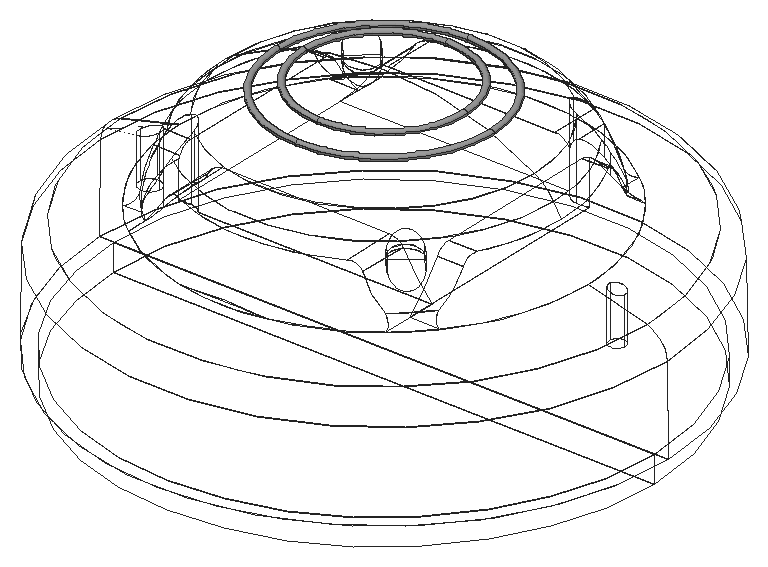
Revit family "Maxlogic Détecteur", category Fire Alarm Devices, host Face, Revit 2021
Family settings
  Host = Face
  Maintain Annotation Orientation = Yes
  Round Connector Dimension = Use Diameter
  Part Type = Normal
  OmniClass Number = 23.85.30.21
  OmniClass Title = Environmental Detection/Registration
  Cut with Voids When Loaded = No
  Shared = No
  Room Calculation Point = No
Parameters (values of type "Maxlogic Détecteur de multi critère Conventionnelle")
  Poids = "141 gr"
  Détection de Radius = "4,5 m"
  Boîtier de montage en surface étanche = "ML-0121"
  Unité de durée de garantie = "Ans"
  Durée de la garantie réservé = "2"
  Durée de la garantie Travail = "2"
  Version = ""
  URL = "https://www.mavili.com.tr/"
  Socle montage de Surlévé = "ML-0150"
  Numéro de pose des travaux publics = "832-109"
  protection de Classe = ""
  Code de Produit = "ML-2140"
  Numèro de Téléphone = "(+)90 216 466 45 05"
  Voltage de fonctionnement (default) = "26 V/DC"
  voltage fonction d'opération = "10-30V/DC"
  Tempèrature de Fonctionnement = "(-10°C) - (+50°C)"
  Largeur Nominale = "51 mm"
  Longeur Nominale = "106 mm"
  Hauteur Nominale = "106 mm"
  Cercle Multi critère = yes
  Surface de Montage = "Montage à Plafond"
  Hauteur de Montage = ""
  Model = "Maxlogic"
  Manufacturer = "Mavili Elektronik Ticaret A.Ş."
  Cercle Chaleur = yes
  Manuel d'installation = "https://mavilielektronik.com/Revit/ML21XX_FR.pdf"
  Sortie d'indicateur = "MG-4000"
  Numèro de Fax = "(+)90 216 466 45 10"
  Alimentation d'externe = ""
  E-Poste = "mavili@mavili.com.tr"
  Avertissement = ""
  Charger adresse d'appareil = ""
  Description = "Détecteur de multi critère Conventionnelle"
  Default Elevation = 0 mm
  Current de Consommation = ""
  Coût Unité = ""
  Cost = 0
  Socles Compatible 2 = "ML-0141"
  Socles Compatible = "ML-0140"
  Couleur = "Blanc"
  Code de  Performance = "EN 54-5 / EN 54-7"
  Matériel Principe = "Plastique Blanche PC/ABS"
  Deuxime Matèriel = "Plastique"
  Adresse ligne 1 = "Şerifali Mahallesi Kutup Sokak No:27/1-2-4 Ümraniye TR-34775 İSTANBUL"
Types (11, lengths in mm): name | Poids | Détection de Radius | Unité de durée de garantie | Numéro de pose des travaux publics | Code de Produit | voltage fonction d'opération | Cercle Multi critère | Surface de Montage | Cercle Chaleur | Manuel d'installation | Sortie d'indicateur | Charger adresse d'appareil | Description | Code de  Performance | Matériel Principe
  (no name) | "141 gr" | "4,5 m" | "Ans" | "832-109" | "ML-2140" | "10-30V/DC" | yes | "Montage à Plafond" | yes | "https://mavilielektronik.com/Revit/ML21XX_FR.pdf" | "MG-4000" | "" | "Détecteur de multi critère Conventionnelle" | "EN 54-5 / EN 54-7" | "Plastique Blanche PC/ABS"
  Maxlogic Détecteur de fumée optique Conventionnelle | "140 gr" | "6,2 m" | "Year" | "832-106" | "ML-2110" | "10-30V/DC" | no | "Montage à Mur" | no | "https://mavilielektronik.com/Revit/ML21XX_FR.pdf" | "MG-4000" | "" | "Détecteur de Fumée optique Conventionnelle" | "EN 54-7" | "Plastique Blanche PC/ABS"
  Maxlogic Détecteur de Fumée optique adressable Intelligent | "100 gr" | "6,2 m" | "Ans" | "833-500" | "ML-1110" | "18-33V/DC" | no | "Montage à Mur" | no | "https://mavilielektronik.com/Revit/ML11XX_FR.pdf" | "MG-4000.A" | "Appareil d'addressage à Main" | "Détecteur de Fumée optique adressable Intelligent" | "EN 54-7" | "Plastique Blanche PC/ABS"
  Maxlogic Détecteur de fumée optique adresable , Isolateur de Court-Circuit | "100 gr" | "6,2 m" | "Ans" | "833-501" | "ML-1110.SCI" | "18-33V/DC" | no | "Montage à Plafond" | no | "https://mavilielektronik.com/Revit/ML11XX_FR.pdf" | "MG-4000.A" | "Appareil d'adressage à main" | "Détecteur de fumée optique adresable , Isolateur de Court-Circuit" | "EN 54-7 / EN 54-17" | "Plastique Rouge  PC/ABS"
  Maxlogic Détecteur de Chaleur Fixe Conventionnelle | "135 gr" | "4,5 m" | "Ans" | "832-102" | "ML-2120" | "10-30V/DC" | no | "Montage à Mur" | yes | "https://mavilielektronik.com/Revit/ML21XX_FR.pdf" | "MG-4000" | "" | "Détecteur de Chaleur Fixe Conventionnelle" | "EN 54-5" | "Plastique Rouge PC/ABS"
  Maxlogic Détecteur de Chaleur Conventionnelle | "135 gr" | "4,5 m" | "Year" | "832-103" | "ML-2130" | "10-30V/DC" | no | "Montage à Plafond" | yes | "https://mavilielektronik.com/Revit/ML21XX_FR.pdf" | "MG-4000" | "" | "Détecteur de chaleur Combiné" | "EN 54-5" | "Plastique Blanche PC/ABS"
  Maxlogic Détecteur de Chaleur Adressable | "95 gr" | "4,5 m" | "Ans" | "833-520" | "ML-1130" | "18-33V/DC" | no | "Montage à plafond" | yes | "https://mavilielektronik.com/Revit/ML11XX_FR.pdf" | "MG-4000.A" | "Appareil d'adressage à main" | "Détecteur de Chaleur Adressable" | "EN 54-5" | "Plastique Blanche PC/ABS"
  Maxlogic Détecteur de Chaleur adressable Intelligent ,Isolateur de Court-Circuit | "95 gr" | "4,5 m" | "Ans" | "833-521" | "ML-1130.SCI" | "18-33V/DC" | no | "Montage à Plafond" | yes | "https://mavilielektronik.com/Revit/ML11XX_FR.pdf" | "MG-4000.A" | "Appareil d'adressage à main" | "Détecteur de Chaleur Adressable Intelligent" | "EN 54-5 / EN 54-17" | "Plastique Blanche PC/ABS"
  Maxlogic Détecteur de multi critère Conventionnelle | "141 gr" | "4,5 m" | "Ans" | "832-109" | "ML-2140" | "10-30V/DC" | yes | "Montage à Plafond" | yes | "https://mavilielektronik.com/Revit/ML21XX_FR.pdf" | "MG-4000" | "" | "Détecteur de multi critère Conventionnelle" | "EN 54-5 / EN 54-7" | "Plastique Blanche PC/ABS"
  Maxlogic Détecteur de Multi Critère Adressable Intelligent | "100 gr" | "4,5 m" | "Year" | "833-530" | "ML-1140" | "18-33V/DC" | yes | "Montage à Plafond" | yes | "https://mavilielektronik.com/Revit/ML11XX_FR.pdf" | "MG-4000.A" | "Appareil d'adressage à Main" | "Détecteur de Multi Critère Adressable Intelligent" | "EN 54-5 / EN 54-7 / EN 54-17" | "Plastique Blanche PC/ABS"
  Maxlogic Détecteur de Multi Critère Adressable Intelligent,Isolateur de Court-Circuit | "100 gr" | "4,5 m" | "Ans" | "833-531" | "ML-1140.SCI" | "18-33V/DC" | yes | "Montage à Plafond" | yes | "https://mavilielektronik.com/Revit/ML11XX_FR.pdf" | "MG-4000.A" | "Appareil d'adressage à main" | "Détecteur de Multi Critère Adressable Intelligent,Isolateur de Court-Circuit" | "EN 54-5 / EN 54-7 / EN 54-17" | "Plastique Blanche PC/ABS"
Reference planes
  plane 1 "Center (Front/Back)": y = 0
  plane 2: z = 0
  plane 3 "Center (Left/Right)": x = 0
Forms (mm)
  Revolve 1, solid, material "Mavili beyaz"
    sketch origin (0, 0, 0) x (1, 0, 0) y (0, 0, 1)
      loop
        line (-52.919, 5) -> (0, 5) -> (0, 51.518)
        arc (0, 51.518) -> (-14.553, 49.716) -> (-28.057, 44) r 53.06
        arc (-28.057, 44) -> (-30.023, 42.467) -> (-31.557, 40.5) r 10.149
        arc (-31.557, 40.5) -> (-33.994, 35.835) -> (-35.524, 30.799) r 28.268
        arc (-35.524, 30.799) -> (-36.595, 29.67) -> (-38, 29) r 4.27
        line (-38, 29) -> (-48.929, 26.072)
        arc (-48.929, 26.072) -> (-51.575, 24.32) -> (-52.634, 21.329) r 5
        line (-52.634, 21.329) -> (-52.919, 5)
      axis (0, 5) -> (0, 51.518)
    angle from 0 to 360
  Revolve 2, solid, material "Mavili beyaz"
    sketch origin (-150, 0, 0) x (1, 0, 0) y (0, 0, 1)
      loop
        line (99.626, 5) -> (99.626, 0) -> (149.926, 0) -> (149.926, 5) -> (99.626, 5)
      axis (149.926, 0) -> (149.926, 5)
    angle from 0 to 360
  Extrusion 3, void
    sketch origin (-0.604, 5.6, 0) x (0, -1, 0) y (0, 0, 1)
      loop
        spline (-12.932, 36.606) -> (-13.32, 35.909) -> (-13.72, 35.223) -> (-14.132, 34.547) -> (-14.556, 33.882) -> (-14.992, 33.229) -> (-15.439, 32.588) -> (-15.897, 31.958) -> (-16.366, 31.341) -> (-16.847, 30.737) -> (-17.338, 30.145) -> (-17.839, 29.566) -> (-18.351, 29)
        line (-18.351, 29) -> (29.551, 29)
        spline (29.551, 29) -> (28.951, 29.556) -> (28.363, 30.124) -> (27.786, 30.704) -> (27.219, 31.297) -> (26.664, 31.901) -> (26.121, 32.516) -> (25.589, 33.143) -> (25.07, 33.781) -> (24.562, 34.43) -> (24.067, 35.09) -> (23.585, 35.759) -> (23.115, 36.439)
        spline (23.115, 36.439) -> (22.965, 36.668) -> (22.796, 36.886) -> (22.611, 37.091) -> (22.411, 37.28) -> (22.199, 37.451) -> (21.978, 37.602) -> (21.751, 37.73) -> (21.521, 37.835) -> (21.289, 37.914) -> (21.06, 37.967) -> (20.837, 37.993) -> (20.618, 38)
        line (20.618, 38) -> (-10.439, 37.994)
        spline (-10.439, 37.994) -> (-10.678, 37.983) -> (-10.918, 37.951) -> (-11.159, 37.897) -> (-11.397, 37.822) -> (-11.63, 37.727) -> (-11.856, 37.613) -> (-12.072, 37.481) -> (-12.276, 37.332) -> (-12.466, 37.169) -> (-12.64, 36.992) -> (-12.796, 36.804) -> (-12.932, 36.606)
    from 23.347 to 38.235
  Extrusion 4, void
    sketch origin (5.6, -13.629, 0) x (-1, 0, 0) y (0, 0, -1)
      loop
        spline (-12.932, -36.606) -> (-12.796, -36.804) -> (-12.64, -36.992) -> (-12.466, -37.169) -> (-12.276, -37.332) -> (-12.072, -37.481) -> (-11.856, -37.613) -> (-11.63, -37.727) -> (-11.397, -37.822) -> (-11.159, -37.897) -> (-10.918, -37.951) -> (-10.678, -37.983) -> (-10.439, -37.994)
        line (-10.439, -37.994) -> (20.618, -38)
        spline (20.618, -38) -> (20.837, -37.993) -> (21.06, -37.967) -> (21.289, -37.914) -> (21.521, -37.835) -> (21.751, -37.73) -> (21.978, -37.602) -> (22.199, -37.451) -> (22.411, -37.28) -> (22.611, -37.091) -> (22.796, -36.886) -> (22.965, -36.668) -> (23.115, -36.439)
        spline (23.115, -36.439) -> (23.585, -35.759) -> (24.067, -35.09) -> (24.562, -34.43) -> (25.07, -33.781) -> (25.589, -33.143) -> (26.121, -32.516) -> (26.664, -31.901) -> (27.219, -31.297) -> (27.786, -30.704) -> (28.363, -30.124) -> (28.951, -29.556) -> (29.551, -29)
        line (29.551, -29) -> (-18.351, -29)
        spline (-18.351, -29) -> (-17.839, -29.566) -> (-17.338, -30.145) -> (-16.847, -30.737) -> (-16.366, -31.341) -> (-15.897, -31.958) -> (-15.439, -32.588) -> (-14.992, -33.229) -> (-14.556, -33.882) -> (-14.132, -34.547) -> (-13.72, -35.223) -> (-13.32, -35.909) -> (-12.932, -36.606)
    from 5.109 to 23.424
  Extrusion 5, void
    sketch origin (5.6, 59.203, 0) x (-1, 0, 0) y (0, 0, 1)
      loop
        spline (-12.932, 36.606) -> (-13.32, 35.909) -> (-13.72, 35.223) -> (-14.132, 34.547) -> (-14.556, 33.882) -> (-14.992, 33.229) -> (-15.439, 32.588) -> (-15.897, 31.958) -> (-16.366, 31.341) -> (-16.847, 30.737) -> (-17.338, 30.145) -> (-17.839, 29.566) -> (-18.351, 29)
        line (-18.351, 29) -> (29.551, 29)
        spline (29.551, 29) -> (28.951, 29.556) -> (28.363, 30.124) -> (27.786, 30.704) -> (27.219, 31.297) -> (26.664, 31.901) -> (26.121, 32.516) -> (25.589, 33.143) -> (25.07, 33.781) -> (24.562, 34.43) -> (24.067, 35.09) -> (23.585, 35.759) -> (23.115, 36.439)
        spline (23.115, 36.439) -> (22.965, 36.668) -> (22.796, 36.886) -> (22.611, 37.091) -> (22.411, 37.28) -> (22.199, 37.451) -> (21.978, 37.602) -> (21.751, 37.73) -> (21.521, 37.835) -> (21.289, 37.914) -> (21.06, 37.967) -> (20.837, 37.993) -> (20.618, 38)
        line (20.618, 38) -> (-10.439, 37.994)
        spline (-10.439, 37.994) -> (-10.678, 37.983) -> (-10.918, 37.951) -> (-11.159, 37.897) -> (-11.397, 37.822) -> (-11.63, 37.727) -> (-11.856, 37.613) -> (-12.072, 37.481) -> (-12.276, 37.332) -> (-12.466, 37.169) -> (-12.64, 36.992) -> (-12.796, 36.804) -> (-12.932, 36.606)
    from -39.5 to -20.535
  Extrusion 6, void
    sketch origin (39.396, 5.6, 0) x (0, -1, 0) y (0, 0, 1)
      loop
        spline (-12.932, 36.606) -> (-13.32, 35.909) -> (-13.72, 35.223) -> (-14.132, 34.547) -> (-14.556, 33.882) -> (-14.992, 33.229) -> (-15.439, 32.588) -> (-15.897, 31.958) -> (-16.366, 31.341) -> (-16.847, 30.737) -> (-17.338, 30.145) -> (-17.839, 29.566) -> (-18.351, 29)
        line (-18.351, 29) -> (29.551, 29)
        spline (29.551, 29) -> (28.951, 29.556) -> (28.363, 30.124) -> (27.786, 30.704) -> (27.219, 31.297) -> (26.664, 31.901) -> (26.121, 32.516) -> (25.589, 33.143) -> (25.07, 33.781) -> (24.562, 34.43) -> (24.067, 35.09) -> (23.585, 35.759) -> (23.115, 36.439)
        spline (23.115, 36.439) -> (22.965, 36.668) -> (22.796, 36.886) -> (22.611, 37.091) -> (22.411, 37.28) -> (22.199, 37.451) -> (21.978, 37.602) -> (21.751, 37.73) -> (21.521, 37.835) -> (21.289, 37.914) -> (21.06, 37.967) -> (20.837, 37.993) -> (20.618, 38)
        line (20.618, 38) -> (-10.439, 37.994)
        spline (-10.439, 37.994) -> (-10.678, 37.983) -> (-10.918, 37.951) -> (-11.159, 37.897) -> (-11.397, 37.822) -> (-11.63, 37.727) -> (-11.856, 37.613) -> (-12.072, 37.481) -> (-12.276, 37.332) -> (-12.466, 37.169) -> (-12.64, 36.992) -> (-12.796, 36.804) -> (-12.932, 36.606)
    from 0.766 to 15.446
  Extrusion 7, void
    sketch origin (1.322, 1.416, 4) x (0.087156, -0.996195, 0) y (-0.996195, -0.087156, 0)
      loop
        spline (16.87, 24.595) -> (16.963, 24.272) -> (17.107, 23.921) -> (17.305, 23.553) -> (17.56, 23.185) -> (17.87, 22.83) -> (18.224, 22.508) -> (18.612, 22.228) -> (19.022, 21.999) -> (19.436, 21.825) -> (19.839, 21.707) -> (20.213, 21.639) -> (20.55, 21.615)
        arc (20.55, 21.615) -> (22.96, 22.422) -> (24.65, 24.318) r 4.946
        spline (24.65, 24.318) -> (24.838, 24.591) -> (24.975, 24.904) -> (25.062, 25.252) -> (25.095, 25.63) -> (25.076, 26.032) -> (25.004, 26.452) -> (24.88, 26.884) -> (24.706, 27.321) -> (24.484, 27.757) -> (24.219, 28.185) -> (23.914, 28.599) -> (23.573, 28.992)
        spline (23.573, 28.992) -> (23.149, 29.264) -> (22.709, 29.497) -> (22.26, 29.69) -> (21.807, 29.839) -> (21.358, 29.942) -> (20.919, 29.998) -> (20.495, 30.005) -> (20.094, 29.964) -> (19.72, 29.875) -> (19.379, 29.74) -> (19.075, 29.561) -> (18.814, 29.339)
        arc (18.814, 29.339) -> (17.158, 27.248) -> (16.87, 24.595) r 4.815
    from -52.091 to -25
  Extrusion 8, void
    sketch origin (-1.322, -1.416, 4) x (-0.087156, 0.996195, 0) y (0.996195, 0.087156, 0)
      loop
        spline (16.87, 24.595) -> (16.963, 24.272) -> (17.107, 23.921) -> (17.305, 23.553) -> (17.56, 23.185) -> (17.87, 22.83) -> (18.224, 22.508) -> (18.612, 22.228) -> (19.022, 21.999) -> (19.436, 21.825) -> (19.839, 21.707) -> (20.213, 21.639) -> (20.55, 21.615)
        arc (20.55, 21.615) -> (22.96, 22.422) -> (24.65, 24.318) r 4.946
        spline (24.65, 24.318) -> (24.838, 24.591) -> (24.975, 24.904) -> (25.062, 25.252) -> (25.095, 25.63) -> (25.076, 26.032) -> (25.004, 26.452) -> (24.88, 26.884) -> (24.706, 27.321) -> (24.484, 27.757) -> (24.219, 28.185) -> (23.914, 28.599) -> (23.573, 28.992)
        spline (23.573, 28.992) -> (23.149, 29.264) -> (22.709, 29.497) -> (22.26, 29.69) -> (21.807, 29.839) -> (21.358, 29.942) -> (20.919, 29.998) -> (20.495, 30.005) -> (20.094, 29.964) -> (19.72, 29.875) -> (19.379, 29.74) -> (19.075, 29.561) -> (18.814, 29.339)
        arc (18.814, 29.339) -> (17.158, 27.248) -> (16.87, 24.595) r 4.815
    from -52.091 to -25
  Revolve 9, solid, material "Glass"
    sketch origin (0.301, -0.834, 36.83) x (0.996195, 0.087156, 0) y (-0.087156, 0.996195, 0)
      loop
        spline (-18.665, 27.53) -> (-19.251, 27.95) -> (-19.899, 28.27) -> (-20.595, 28.463) -> (-21.318, 28.496) -> (-22.023, 28.338) -> (-22.649, 27.979) -> (-23.134, 27.443) -> (-23.439, 26.785) -> (-23.559, 26.071) -> (-23.516, 25.347) -> (-23.339, 24.648) -> (-23.047, 23.981)
        spline (-23.047, 23.981) -> (-22.978, 23.855) -> (-22.905, 23.731) -> (-22.829, 23.609) -> (-22.75, 23.49) -> (-22.667, 23.372) -> (-22.58, 23.258) -> (-22.491, 23.145) -> (-22.398, 23.036) -> (-22.303, 22.929) -> (-22.204, 22.824) -> (-22.103, 22.722) -> (-21.998, 22.624)
        line (-21.998, 22.624) -> (-17.511, 26.168)
        spline (-17.511, 26.168) -> (-17.589, 26.296) -> (-17.67, 26.421) -> (-17.755, 26.544) -> (-17.843, 26.665) -> (-17.935, 26.783) -> (-18.03, 26.898) -> (-18.128, 27.01) -> (-18.229, 27.12) -> (-18.334, 27.227) -> (-18.441, 27.331) -> (-18.552, 27.432) -> (-18.665, 27.53)
      axis (-21.998, 22.624) -> (-17.511, 26.168)
    angle from 172.048 to -180
  Revolve 10, solid, material "Glass"
    sketch origin (-0.301, 0.834, 36.83) x (-0.996195, -0.087156, 0) y (0.087156, -0.996195, 0)
      loop
        spline (-18.665, 27.53) -> (-19.251, 27.95) -> (-19.899, 28.27) -> (-20.595, 28.463) -> (-21.318, 28.496) -> (-22.023, 28.338) -> (-22.649, 27.979) -> (-23.134, 27.443) -> (-23.439, 26.785) -> (-23.559, 26.071) -> (-23.516, 25.347) -> (-23.339, 24.648) -> (-23.047, 23.981)
        spline (-23.047, 23.981) -> (-22.978, 23.855) -> (-22.905, 23.731) -> (-22.829, 23.609) -> (-22.75, 23.49) -> (-22.667, 23.372) -> (-22.58, 23.258) -> (-22.491, 23.145) -> (-22.398, 23.036) -> (-22.303, 22.929) -> (-22.204, 22.824) -> (-22.103, 22.722) -> (-21.998, 22.624)
        line (-21.998, 22.624) -> (-17.511, 26.168)
        spline (-17.511, 26.168) -> (-17.589, 26.296) -> (-17.67, 26.421) -> (-17.755, 26.544) -> (-17.843, 26.665) -> (-17.935, 26.783) -> (-18.03, 26.898) -> (-18.128, 27.01) -> (-18.229, 27.12) -> (-18.334, 27.227) -> (-18.441, 27.331) -> (-18.552, 27.432) -> (-18.665, 27.53)
      axis (-21.998, 22.624) -> (-17.511, 26.168)
    angle from 172.048 to -180
  Sweep 11, solid, material "Mavili siyah.1", visible <- "Cercle Chaleur"
    path origin (0, 0, 49.5) x (0, 1, 0) y (-1, 0, 0)
      loop
        arc (14.84, 0.029) -> (10.47, 10.578) -> (-0.079, 14.948) r 14.919
        arc (-0.079, 14.948) -> (-10.638, 10.574) -> (-15.012, 0.015) r 14.932
        arc (-15.012, 0.015) -> (-10.638, -10.543) -> (-0.079, -14.917) r 14.932
        arc (-0.079, -14.917) -> (10.479, -10.538) -> (14.84, 0.029) r 14.919
    profile origin (10.538, 10.479, 49.5) x (0.706483, 0.70773, 0) y (0, 0, 1)
      loop
        circle (0, 0) r 0.5
  Sweep 12, solid, material "Mavili siyah.1", visible <- "Cercle Multi critère"
    path origin (0, 0, 48.025) x (0, 1, 0) y (-1, 0, 0)
      loop
        arc (19.793, 0.005) -> (13.97, 14.063) -> (-0.088, 19.886) r 19.881
        arc (-0.088, 19.886) -> (-14.145, 14.063) -> (-19.968, 0.006) r 19.88
        arc (-19.968, 0.006) -> (-14.143, -14.057) -> (-0.079, -19.882) r 19.889
        arc (-0.079, -19.882) -> (13.978, -14.057) -> (19.793, 0.005) r 19.872
    profile origin (14.057, 13.978, 48.025) x (0.706832, 0.707382, 0) y (0, 0, 1)
      loop
        circle (0, 0) r 0.5
  Extrusion 13, void
    sketch origin (0, 0, 29) x (0, 1, 0) y (-1, 0, 0)
      loop
        circle (-2.981, 41.129) r 2
      loop
        circle (2.823, -41.129) r 1.5
    from 0 to -10
Cuts and joins
  Extrusion 3, Extrusion 4, Extrusion 5, Extrusion 6, Extrusion 7, Extrusion 8, Extrusion 13 cuts Revolve 1
Dimensions and locks
  radius of Sweep 11 sketch curve = 0.5 mm
  aligned and locked: plane 2 to host face
  aligned and locked: level to host face
